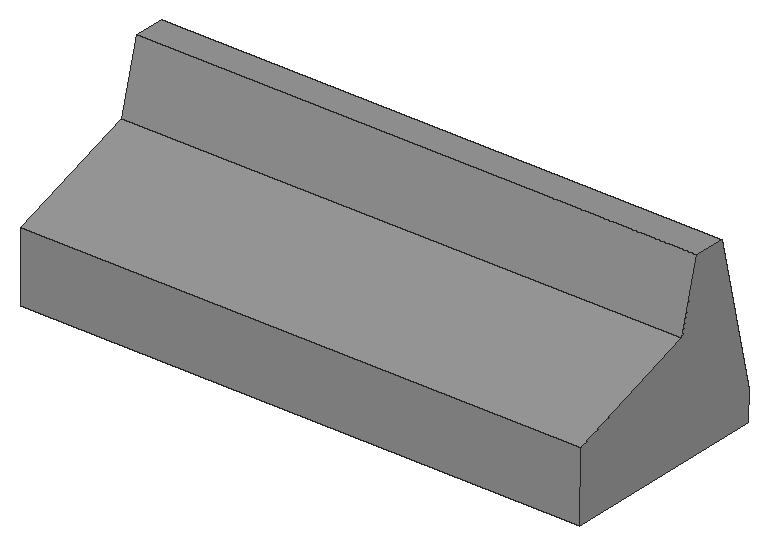
Revit family "Surgical_Scrub_Sink-Willoughby-WSSS-ADA-2", category Plumbing Fixtures, Revit 2015
Parameters (values of type "Standard")
  Waste DIA = 1 1/2"
  Waste Connection = yes
  Vent Connection = no
  URL = "https://www.willoughby-ind.com/wp-content/uploads/2018/01/WSSS-ADA.pdf"
  Revision = "A"
  Model = "WSSS-ADA-2"
  Manufacturer = "Willoughby Industries"
  HW Connection = no
  Fixture Body = Stainless Steel AISI 304-Willoughby
  Description = "ADA-Compliant Surgical Scrub Sink, Two Station"
  Default Elevation = 0' - 0"
  Contact = "800-428-4065"
  CW Connection = no
Reference planes (in)
  plane 1 "Center (Front/Back)": y = 0
  plane 2: z = 0
  plane 3 "Center (Left/Right)": x = 0
  plane 4 "Waste HGT": y = 25
  plane 5 "Bottom Of Sink": y = 16.75
  plane 6 "Top Of Unit": y = 56
  plane 7: x = -16
  plane 8: x = 16
  plane 9: x = -14
  plane 10: x = 14
Forms (in)
  Extrusion 1, solid, material "Stainless Steel AISI 304-Willoughby" <- "Fixture Body"
    sketch origin (0, 0, 0) x (0, 1, 0) y (0, 0, 1)
      loop
        line (15.75, 0) -> (42.75, 0) -> (42.75, 3.9375) -> (32.5625, 3.9375) -> (32.5625, 13.4375) -> (39.01384, 20.69526) -> (38.5, 23) -> (34.5, 23) -> (32, 14.5) -> (15.75, 9) -> (15.75, 0)
    from -34.5 to 34.5
  Extrusion 2, solid, material "Stainless Steel AISI 304-Willoughby" <- "Fixture Body"
    sketch origin (0, 0, 0) x (0, 1, 0) y (0, 0, 1)
      loop
        line (15.75, 9) -> (15.75, 0) -> (42.75, 0) -> (42.75, 3.9375) -> (38.5, 23) -> (34.5, 23) -> (32, 14.5) -> (15.75, 9)
    from -34.5 to -36
  Extrusion 3, solid, material "Stainless Steel AISI 304-Willoughby" <- "Fixture Body"
    sketch origin (0, 0, 0) x (0, 1, 0) y (0, 0, 1)
      loop
        line (15.75, 0) -> (42.75, 0) -> (42.75, 3.9375) -> (38.5, 23) -> (34.5, 23) -> (32, 14.5) -> (15.75, 9) -> (15.75, 0)
    from 36 to 34.5
  Revolve 4, solid, material "Stainless Steel AISI 304-Willoughby" <- "Fixture Body", detail levels fine
    sketch origin (-3.125, 25, 0) x (-1, 0, 0) y (0, 0, 1)
      loop
        line (0, 0) -> (0.75, 0) -> (0.75, 3.5) -> (0, 3.5) -> (0, 0)
      axis (0, 3.5) -> (0, 0)
    angle from 0 to 360
  Sweep 5, solid
    path origin (0, -9.24468, 19.22696) x (0, 0.906308, -0.422618) y (0, 0.422618, 0.906308)
      loop
        line (54.41518, 6.33615) -> (61.18417, 9.49258)
        arc (61.18417, 9.49258) -> (62.55966, 13.27172) -> (58.78053, 14.64721) r 2.84375
        line (58.78053, 14.64721) -> (57.67596, 14.13214)
    profile origin (0, 46.48437, 1.97261) x (0, 0, 1) y (1, 0, 0)
      loop
        circle (-0.00386, -18) r 0.375
  Extrusion 6, solid
    sketch origin (15, 0, 0) x (1, 0, 0) y (0, 1, 0)
      loop
        circle (-6, 25) r 0.25
      loop
        circle (-9, 25) r 0.25
    from 0 to 1
  Sweep 7, solid
    path origin (32, -9.24468, 19.22696) x (0, 0.906308, -0.422618) y (0, 0.422618, 0.906308)
      loop
        line (54.41518, 6.33615) -> (61.18417, 9.49258)
        arc (61.18417, 9.49258) -> (62.55966, 13.27172) -> (58.78053, 14.64721) r 2.84375
        line (58.78053, 14.64721) -> (57.67596, 14.13214)
    profile origin (32, 46.48437, 1.97261) x (0, 0, 1) y (1, 0, 0)
      loop
        circle (-0.00386, -18) r 0.375
  Extrusion 8, solid
    sketch origin (0, 0, 0) x (0, 1, 0) y (0, 0, 1)
      loop
        line (42.75, 3.9375) -> (39.01384, 20.69526) -> (34.625, 15.75781) -> (34.625, 3.9375) -> (42.75, 3.9375)
    from -0.125 to 0.125
  Extrusion 9, solid
    sketch origin (-15, 0, 0) x (1, 0, 0) y (0, 1, 0)
      loop
        circle (-6, 25) r 0.25
      loop
        circle (-9, 25) r 0.25
    from 0 to 1
Cuts and joins
  joined: Extrusion 1, Extrusion 2, Extrusion 3
Lines and regions (in)
  symbolic lines
    curve 1: line (16, 56, 0) -> (16, 16.75, 0)
    curve 2: line (16, 16.75, 0) -> (-16, 16.75, 0)
    curve 3: line (-16, 16.75, 0) -> (-16, 56, 0)
    curve 4: line (-16, 56, 0) -> (16, 56, 0)
    curve 14: line (0, 44.77947, 27) -> (0, 16.75, 27)
    curve 15: line (0, 16.75, 27) -> (0, 16.75, 0)
    curve 16: line (0, 16.75, 0) -> (0, 56, 0)
    curve 17: line (0, 56, 0) -> (0, 56, 2.9375)
    curve 18: line (0, 56, 2.9375) -> (0, 44.77947, 27)
    curve 19: line (-16, 25, 0) -> (16, 25, 0)
    curve 20: line (16, 25, 0) -> (16, 25, 27)
    curve 21: line (16, 25, 27) -> (-16, 25, 27)
    curve 22: line (-16, 25, 27) -> (-16, 25, 0)
    curve 23: line (16, 25, 2.9375) -> (-16, 25, 2.9375)
  symbolic lines, detail levels medium+fine
    curve 5: line (14, 52.8125, 0) -> (14, 32.125, 0)
    curve 6: line (14, 32.125, 0) -> (-14, 32.125, 0)
    curve 7: line (-14, 32.125, 0) -> (-14, 52.8125, 0)
    curve 8: line (-14, 52.8125, 0) -> (14, 52.8125, 0)
    curve 24: line (14, 25, 8.25) -> (14, 25, 25.25)
    curve 25: line (14, 25, 25.25) -> (-14, 25, 25.25)
    curve 26: line (-14, 25, 25.25) -> (-14, 25, 8.25)
    curve 27: line (-14, 25, 8.25) -> (14, 25, 8.25)
  symbolic lines, detail levels fine
    curve 9: line (-14, 48.4375, 0) -> (14, 48.4375, 0)
    curve 10: line (-14, 40.9375, 0) -> (14, 40.9375, 0)
    curve 11: line (-14, 34.9375, 0) -> (14, 34.9375, 0)
    curve 12: line (-16, 44.77947, 0) -> (-14, 44.77947, 0)
    curve 13: line (14, 44.77947, 0) -> (16, 44.77947, 0)
    curve 28: line (14, 25, 14.6875) -> (-14, 25, 14.6875)
    curve 29: line (-14, 25, 9.77312) -> (14, 25, 9.77312)
Dimensions and locks (in)
  cut or joined group of Extrusion 1, Extrusion 2, Extrusion 3 to cut or joined group of Extrusion 1, Extrusion 2, Extrusion 3 = 5' - 10 1/2"
  aligned and locked: Revolve 4 sketch curve to Revolve 4 sketch curve  (x2)
Connectors (in)
  piping at (-3.125, 25, 0), diameter 1.5, driven by "Waste DIA", driven by "Waste Connection"
    settings: on Revolve 4, index 1, connector inside diameter 24", connector length 0' - 0", flow factor 0, pipe flow 0 GPM, pressure drop 0.00 psi, fitting loss kfactor 0, connector angle 0.00°, fixture units 0, engagement length 0' - 0", angle of deflection 0.00°, flow configuration 0, flow direction 2, fitting loss method 0, system type 16, joint type 0, gender type 0, connector reference index -1, connector utility 1, adjustable connector no, is connector primary yes, connector description "Sink Waste"
  piping at (9, 25, 1), diameter 0.5
    settings: on Extrusion 6, index 2, connector inside diameter 24", connector length 0' - 0", flow factor 0, pipe flow 0 GPM, pressure drop 0.00 psi, fitting loss kfactor 0, connector angle 0.00°, fixture units 0, engagement length 0' - 0", angle of deflection 0.00°, flow configuration 0, flow direction 0, fitting loss method 0, system type 20, joint type 0, gender type 0, connector reference index -1, connector utility 0, adjustable connector no, is connector primary no, connector description ""
  piping at (6, 25, 1), diameter 0.5
    settings: on Extrusion 6, index 3, connector inside diameter 24", connector length 0' - 0", flow factor 0, pipe flow 0 GPM, pressure drop 0.00 psi, fitting loss kfactor 0, connector angle 0.00°, fixture units 0, engagement length 0' - 0", angle of deflection 0.00°, flow configuration 0, flow direction 0, fitting loss method 0, system type 19, joint type 0, gender type 0, connector reference index -1, connector utility 0, adjustable connector no, is connector primary no, connector description ""
  piping at (-24, 25, 1), diameter 0.5
    settings: on Extrusion 9, index 4, connector inside diameter 24", connector length 0' - 0", flow factor 0, pipe flow 0 GPM, pressure drop 0.00 psi, fitting loss kfactor 0, connector angle 0.00°, fixture units 0, engagement length 0' - 0", angle of deflection 0.00°, flow configuration 0, flow direction 0, fitting loss method 0, system type 19, joint type 0, gender type 0, connector reference index -1, connector utility 0, adjustable connector no, is connector primary no, connector description ""
  piping at (-21, 25, 1), diameter 0.5
    settings: on Extrusion 9, index 5, connector inside diameter 24", connector length 0' - 0", flow factor 0, pipe flow 0 GPM, pressure drop 0.00 psi, fitting loss kfactor 0, connector angle 0.00°, fixture units 0, engagement length 0' - 0", angle of deflection 0.00°, flow configuration 0, flow direction 0, fitting loss method 0, system type 20, joint type 0, gender type 0, connector reference index -1, connector utility 0, adjustable connector no, is connector primary no, connector description ""
